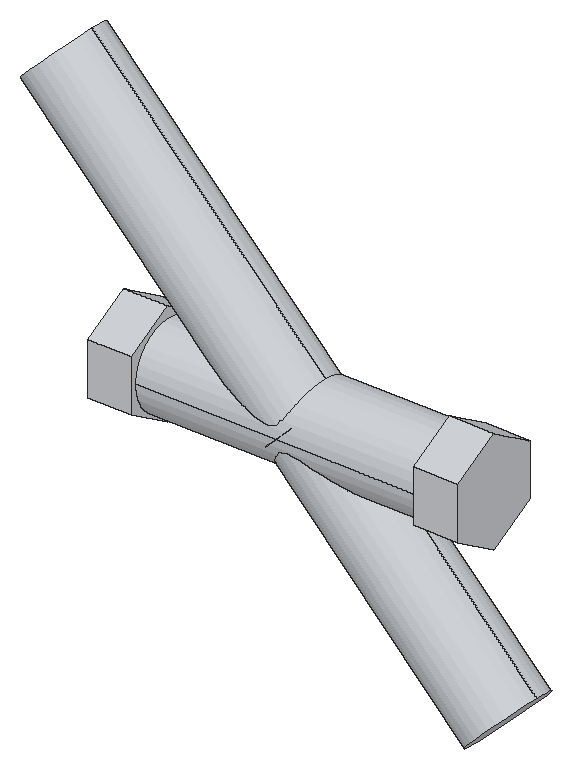
Revit family "304_Cim767 LP-_", category Pipe Accessories, Revit 2017
Family settings
  Round Connector Dimension = Use Diameter
  Part Type = Valve - Breaks Into
  Work Plane-Based = No
  Always vertical = Yes
  Cut with Voids When Loaded = No
  Shared = No
Parameters (values of type "Cim767 LP-15")
  magi_piping_given_dp [instance] = 0.0 Pa
  magiProductId = "Cim767 LP-15"
  magiProductFamilyId = "Cim767 LP-*"
  magiProductCode = "Cim767 LP-15"
  magiPartTypeId = 304
  ang2D [instance] = 0.00°
  W2D = 15 mm
  VersionID = "2.0/2015.11/CIMBERIO_CIM767OT_Q13_001"
  Use Minimum Symbol Size [instance] = yes
  URL = "www.cimberio.it"
  R1 = 13.5 mm
  QmdConnectorList = "301;D;302;D"
  Productdata [instance] = "© Progman Oy, all rights reserved"
  Manufacturer = "Cimberio"
  MC_Default_elevation = 0 mm
  LL4__ve = -LL4  # -73.11 mm
  LL4 = 73.11 mm
  LL3 = 89.995 mm
  LL2 = 72.96 mm
  LL1 = 48 mm
  L2D_Min = 3048 mm
  L2D = 96 mm
  Description = "DIFFERENTIAL PRESSURE CONTROL VALVE - PN 16 - \"CR\" BRASS - LOW PRESSURE"
  DL__ve = -DL  # -11.52 mm
  DL = 11.52 mm
  DD2 = 21 mm
  DD1 = 21.6 mm
  D = 15 mm
  CenSd_R1_6 = R1 * cos(30.00°)  # 11.691 mm
  CAT0 = yes
Types (3, lengths in mm): name | magiProductId | magiProductCode | W2D | R1 | LL4__ve | LL4 | LL3 | LL2 | LL1 | L2D | DL__ve | DL | DD2 | DD1 | D | CenSd_R1_6
  Cim767 LP-15 | "Cim767 LP-15" | "Cim767 LP-15" | 15 | 13.5 | -73.11 | 73.11 | 89.995 | 72.96 | 48 | 96 | -11.52 | 11.52 | 21 | 21.6 | 15 | 11.691
  Cim767 LP-25 | "Cim767 LP-25" | "Cim767 LP-25" | 25 | 19.5 | -92.152 | 92.152 | 113.693 | 100.32 | 66 | 132 | -15.84 | 15.84 | 35 | 31.2 | 25 | 16.887
  Cim767 LP-20 | "Cim767 LP-20" | "Cim767 LP-20" | 20 | 16 | -70.61 | 70.61 | 89.823 | 73.72 | 48.5 | 97 | -11.64 | 11.64 | 28 | 25.6 | 20 | 13.856
Reference planes
  plane 1 "Center (Front/Back)": y = 0
  plane 2 "XYPLANE": z = 0
  plane 3 "Center (Left/Right)": x = 0
  plane 4 "INIT_TEMP": y = 100
  plane 5 "106": y = 0
  plane 6 "105": z = 0
  plane 7 "104": x = -48
  plane 8 "103": x = 48
  plane 9 "102": x = -36.48
  plane 10 "99": y = 0
  plane 11 "98": through (-530.33, 0, -530.33) normal (-0.7071, 0, 0.7071)
  plane 12 "97": through (-530.33, 0, 530.33) normal (0.7071, 0, 0.7071)
  plane 13 "135XY": through (-530.33, 0, -530.33) normal (-0.7071, 0, 0.7071)
  plane 14 "135XZ": y = 0
  plane 15 "135YZ": through (-530.33, 0, 530.33) normal (0.7071, 0, 0.7071)
Forms (mm)
  Extrusion 1, solid, visible <- "CAT0"
    sketch origin (-48, -750, 0) x (0, 1, 0) y (0, 0, 1)
      loop
        line (750, 13.5) -> (738.309, 6.75) -> (738.309, -6.75) -> (750, -13.5) -> (761.691, -6.75) -> (761.691, 6.75) -> (750, 13.5)
    from 0 to 11.52 <- "DL"
  Extrusion 2, solid, visible <- "CAT0"
    sketch origin (48, -750, 0) x (0, 1, 0) y (0, 0, 1)
      loop
        line (750, 13.5) -> (738.309, 6.75) -> (738.309, -6.75) -> (750, -13.5) -> (761.691, -6.75) -> (761.691, 6.75) -> (750, 13.5)
    from 0 to -11.52 <- "DL__ve"
  Extrusion 3, solid, visible <- "CAT0"
    sketch origin (-36.48, -750, 0) x (0, 1, 0) y (0, 0, 1)
      loop
        circle (750, 0) r 10.8
    from 0 to 72.96 <- "LL2"
  Extrusion 4, solid, visible <- "CAT0"
    sketch origin (-530.33, 0, -530.33) x (0.707107, 0, 0.707107) y (0, 1, 0)
      loop
        circle (750, 0) r 10.5
    from 0 to -73.11 <- "LL4__ve"
  Extrusion 5, solid, visible <- "CAT0"
    sketch origin (-530.33, 0, -530.33) x (0.707107, 0, 0.707107) y (0, 1, 0)
      loop
        circle (750, 0) r 10.5
    from 0 to 89.995 <- "LL3"
  Extrusion 6, solid, not visible
    sketch origin (-48, -750, 0) x (0, 1, 0) y (0, 0, 1)
      loop
        circle (750, 0) r 10
    from 0 to 10
  Extrusion 7, solid, not visible
    sketch origin (48, -750, 0) x (0, 1, 0) y (0, 0, 1)
      loop
        circle (750, 0) r 10
    from 0 to -10
Lines and regions (mm)
  reference lines
    curve 1: circle (-48, 0, 0) r 1 normal (1, 0, 0)
    curve 2: circle (48, 0, 0) r 1 normal (-1, 0, 0)
Text (mm)
  text "© Progman Oy, all rights reserved" at (-472.209, -2482.653, 0), in view "Ref. Level"
Dimensions and locks
  plane 4 "INIT_TEMP" to plane 1 "Center (Front/Back)" = 100 mm
  locked: plane 1 "Center (Front/Back)" to plane 5 "106"
  locked: plane 2 "XYPLANE" to plane 6 "105"
  "LL1": plane 3 "Center (Left/Right)" to plane 7 "104"
  "LL1": plane 3 "Center (Left/Right)" to plane 8 "103"
  "DL": plane 7 "104" to plane 9 "102"
  locked: plane 14 "135XZ" to plane 10 "99"
  locked: plane 13 "135XY" to plane 11 "98"
  locked: plane 15 "135YZ" to plane 12 "97"
  "CenSd_R1_6": curve 1 to Extrusion 1 sketch curve  (x6)
  "R1": curve 1 to Extrusion 1 sketch curve  (x6)
  "CenSd_R1_6": curve 2 to Extrusion 2 sketch curve  (x6)
  "R1": curve 2 to Extrusion 2 sketch curve  (x6)
  "DD1": diameter of Extrusion 3 sketch curve
  "DD2": diameter of Extrusion 4 sketch curve
  "DD2": diameter of Extrusion 5 sketch curve
  aligned and locked: level to plane 2 "XYPLANE"
  aligned and locked: curve 1 to plane 5 "106"
  aligned and locked: plane 6 "105" to curve 1
  aligned and locked: curve 2 to plane 5 "106"
  aligned and locked: plane 6 "105" to curve 2
  aligned and locked: Extrusion 3 sketch curve to plane 5 "106"
  aligned and locked: plane 6 "105" to Extrusion 3 sketch curve
  aligned and locked: plane 10 "99" to Extrusion 4 sketch curve
  aligned and locked: Extrusion 4 sketch curve to plane 12 "97"
  aligned and locked: plane 10 "99" to Extrusion 5 sketch curve
  aligned and locked: Extrusion 5 sketch curve to plane 12 "97"
  aligned and locked: Extrusion 6 sketch curve to plane 5 "106"
  aligned and locked: plane 6 "105" to Extrusion 6 sketch curve
  aligned and locked: Extrusion 7 sketch curve to plane 5 "106"
  aligned and locked: plane 6 "105" to Extrusion 7 sketch curve
Automatic sketch dimensions
  plane 1 "Center (Front/Back)" to Extrusion 6 sketch curve = 10 mm
  plane 1 "Center (Front/Back)" to Extrusion 7 sketch curve = 10 mm
  radius of curve 1 = 1 mm
  radius of curve 2 = 1 mm
Connectors
  piping at (-48, 0, 0), diameter 15, driven by "D"
    settings: on Extrusion 6, index 1, connector inside diameter 609.6 mm, connector length 0 mm, flow factor 0, pipe flow 0.0 L/s, pressure drop 0.0 Pa, fitting loss kfactor 0, connector angle 0.00°, fixture units 0, engagement length 0 mm, angle of deflection 0.00°, flow configuration 0, flow direction 0, fitting loss method 0, system type 29, joint type 0, gender type 0, connector reference index 2, connector utility 0, adjustable connector no, is connector primary yes, connector description ""
  piping at (48, 0, 0), diameter 15, driven by "D"
    settings: on Extrusion 7, index 2, connector inside diameter 609.6 mm, connector length 0 mm, flow factor 0, pipe flow 0.0 L/s, pressure drop 0.0 Pa, fitting loss kfactor 0, connector angle 0.00°, fixture units 0, engagement length 0 mm, angle of deflection 0.00°, flow configuration 0, flow direction 0, fitting loss method 0, system type 29, joint type 0, gender type 0, connector reference index 1, connector utility 0, adjustable connector no, is connector primary no, connector description ""
